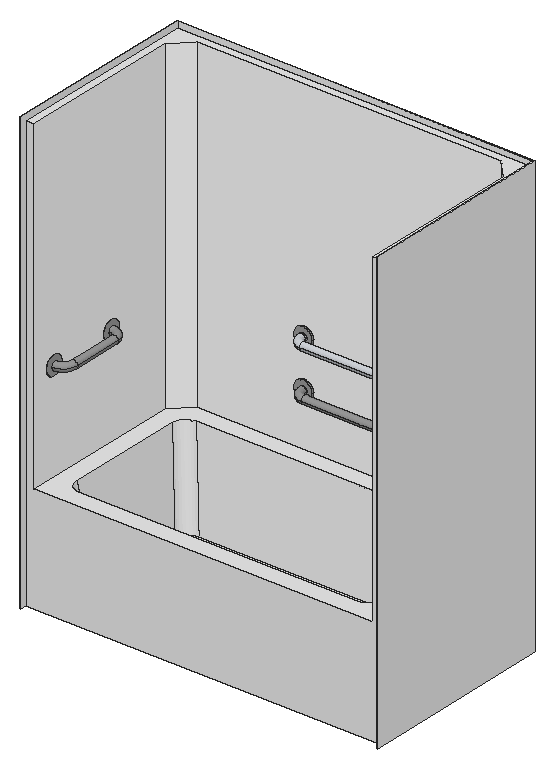
Revit family "DTS6032A17", category Plumbing Fixtures, Revit 2014
Parameters (values of type "DTS6032A17")
  Unit Width = 5' - 0"
  Unit Height = 6' - 2"
  URL = "http://www.best-bath.com"
  Type Comments = "ADA Compliant"
  Model = "DTS6032A17"
  Material [instance] = Best Bath Gelcoat Fiberglass - Diamond Tile
  Manufacturer = "Best Bath Systems, Inc."
  Keynote = "22 40 00.D3"
  Description = "Diamond Tile"
  Assembly Code = "D2010700"
Reference planes (in)
  plane 1 "Back": y = 0
  plane 2: z = 0
  plane 3 "Left": x = 0
  plane 4: x = 60
  plane 5: y = -32
  plane 6: z = 73
  plane 7: z = 74
  plane 8: x = 51.75
  plane 9: z = 18
  plane 10: y = -16.5
  plane 11: y = -1.5
  plane 12: x = 6.5
  plane 13: x = 54.5
  plane 14: y = -6.5
  plane 15: y = -27
  plane 16: y = -4.5
  plane 17: y = -29
  plane 18: x = 4.5
  plane 19: x = 55.5
  plane 20: z = 27
  plane 21: z = 35
  plane 22: z = 40
  plane 23: y = -33
Forms (in)
  Extrusion 1, solid, material "Best Bath Gelcoat Fiberglass - Smooth"
    sketch origin (0, 0, 0) x (1, 0, 0) y (0, 1, 0)
      loop
        line (58.5, -32) -> (60, -32) -> (60, 0) -> (0, 0) -> (0, -32) -> (1.5, -32) -> (1.5, -4.5) -> (4.5, -1.5) -> (55.5, -1.5) -> (58.5, -4.5) -> (58.5, -32)
    from 0 to 73
  Extrusion 2, solid, material "Best Bath Gelcoat Fiberglass - Smooth"
    sketch origin (0, 0, 0) x (1, 0, 0) y (0, 1, 0)
      loop
        line (0, -32) -> (60, -32) -> (60, 0) -> (0, 0) -> (0, -32)
      loop
        circle (51.75, -16.5) r 1.625
    from 0 to 18
  Blend 3, void
    base sketch origin (0, 0, 0) x (1, 0, 0) y (0, 1, 0)
      loop
        arc (8.75, -6.5) -> (7.15901, -7.15901) -> (6.5, -8.75) r 2.25
        line (6.5, -8.75) -> (6.5, -24.75)
        arc (6.5, -24.75) -> (7.15901, -26.34099) -> (8.75, -27) r 2.25
        line (8.75, -27) -> (52.25, -27)
        arc (52.25, -27) -> (53.84099, -26.34099) -> (54.5, -24.75) r 2.25
        line (54.5, -24.75) -> (54.5, -8.75)
        arc (54.5, -8.75) -> (53.84099, -7.15901) -> (52.25, -6.5) r 2.25
        line (52.25, -6.5) -> (8.75, -6.5)
    top sketch origin (0, 0, 0) x (1, 0, 0) y (0, 1, 0)
      loop
        arc (6.75, -4.5) -> (5.15901, -5.15901) -> (4.5, -6.75) r 2.25
        line (4.5, -6.75) -> (4.5, -26.75)
        arc (4.5, -26.75) -> (5.15901, -28.34099) -> (6.75, -29) r 2.25
        line (6.75, -29) -> (53.25, -29)
        arc (53.25, -29) -> (54.84099, -28.34099) -> (55.5, -26.75) r 2.25
        line (55.5, -26.75) -> (55.5, -6.75)
        arc (55.5, -6.75) -> (54.84099, -5.15901) -> (53.25, -4.5) r 2.25
        line (53.25, -4.5) -> (6.75, -4.5)
    from 2.23617 to 18
  Extrusion 4, solid, material "Best Bath Gelcoat Fiberglass - Smooth"
    sketch origin (0, 0, 0) x (1, 0, 0) y (0, 1, 0)
      loop
        line (0, -33) -> (0.125, -33) -> (0.125, -0.125) -> (59.875, -0.125) -> (59.875, -33) -> (60, -33) -> (60, 0) -> (0, 0) -> (0, -33)
    from 0 to 74
Cuts and joins
  Blend 3 cuts Extrusion 2
  joined: Extrusion 1, Extrusion 2, Extrusion 4
Dimensions and locks (in)
  "Unit Width": plane 3 "Left" to plane 4
  locked: plane 7 to plane 6 at 1
  "Unit Height": plane 7 to level
  plane 3 "Left" to plane 8 to plane 4 = 4' - 3 3/4", 0' - 8 1/4"
  plane 10 to plane 1 "Back" = 1' - 4 1/2"
  locked: plane 13 to plane 4 at 5.5
  plane 15 to plane 5 = 0' - 5"
  locked: plane 3 "Left" to plane 12 at 6.5
  locked: Extrusion 1 to plane 14 at 6.5
  locked: plane 16 to plane 1 "Back" at 4.5
  locked: plane 17 to plane 5 at 3
  locked: plane 19 to plane 4 at 4.5
  locked: plane 3 "Left" to plane 18 at 4.5
  locked: plane 9 to level at 18
  plane 20 to plane 9 = 0' - 9"
  plane 21 to plane 9 = 1' - 5"
  plane 22 to plane 9 = 1' - 10"
  locked: plane 5 to plane 23 at 1
  plane 23 to plane 1 "Back" = 2' - 9"
  radius of Blend 3 sketch curve = 0' - 2 1/4"  (x4)
  aligned and locked: level to plane 2
  aligned and locked: plane 6 to Extrusion 1
  aligned and locked: Extrusion 1 sketch curve to plane 4
  aligned and locked: plane 5 to Extrusion 1 sketch curve
  aligned and locked: Extrusion 1 sketch curve to plane 5
  aligned and locked: Extrusion 2 sketch curve to Extrusion 1  (x3)
  aligned and locked: Extrusion 2 sketch curve to plane 1 "Back"
  aligned and locked: plane 10 to Extrusion 2 sketch curve
  aligned and locked: plane 8 to Extrusion 2 sketch curve
  aligned and locked: plane 15 to Blend 3 sketch curve
  aligned and locked: Blend 3 sketch curve to plane 14
  aligned and locked: Blend 3 sketch curve to plane 13
  aligned and locked: plane 12 to Blend 3 sketch curve
  aligned and locked: plane 18 to Blend 3 sketch curve
  aligned and locked: Blend 3 sketch curve to plane 19
  aligned and locked: plane 17 to Blend 3 sketch curve
  aligned and locked: Blend 3 sketch curve to plane 16
  aligned and locked: plane 9 to cut or joined group of Extrusion 1, Extrusion 2, Blend 3, Extrusion 4
  aligned and locked: nested 1 to plane 21
  aligned and locked: plane 20 to nested 3
  aligned and locked: plane 22 to nested 4
  aligned and locked: plane 7 to Extrusion 4
Automatic sketch dimensions
  plane 1 "Back" to Extrusion 1 sketch curve = 0' - 0"
  Extrusion 1 sketch curve to plane 3 "Left" = 0' - 0"
  Extrusion 1 sketch curve to plane 11 = 0' - 0"
  plane 4 to Extrusion 1 sketch curve = 0' - 1 1/2"
  Extrusion 1 sketch curve to plane 11 = 0' - 3"  (x2)
  plane 3 "Left" to Extrusion 1 sketch curve = 0' - 1 1/2"
  Extrusion 1 sketch curve to Extrusion 1 sketch curve = 0' - 3"  (x2)
  plane 18 to Blend 3 sketch curve = 0' - 2 1/4"  (x2)
  plane 17 to Blend 3 sketch curve = 0' - 2 1/4"
  Blend 3 sketch curve to plane 19 = 0' - 2 1/4"
  Extrusion 4 sketch curve to plane 23 = 0' - 0"  (x2)
  Extrusion 4 sketch curve to plane 4 = 0' - 0"
  plane 4 to Extrusion 4 sketch curve = 0' - 0 1/8"
  Extrusion 4 sketch curve to Extrusion 4 sketch curve = 0' - 0 1/8"
  Extrusion 4 sketch curve to plane 3 "Left" = 0' - 0"
  plane 1 "Back" to Extrusion 4 sketch curve = 0' - 0 1/8"
  plane 1 "Back" to Extrusion 4 sketch curve = 0' - 0"
  radius of Extrusion 2 sketch curve = 0' - 1 5/8"
Nested families (in)
  nested 1: "Grab Bar - L shape" at (58.5, -1.5, -1.97512) x (-1, 0, 0) z (0, 0, 1), type "27" x 36" x 1.25""
  nested 2: "Grab Bar - horiz" at (1.5, -28, 0.375) x (0, 1, 0) z (0, 0, 1), type "12" x 1.25""
  nested 3: "Grab Bar - horiz" at (22.5, -1.5, -7.625), type "24" x 1.25""
  nested 4: "Grab Bar - vertical" at (58.5, -28, 0.375) x (0, -1, 0) z (0, 0, 1), type "18" x 1.25""
Definition of nested family "Grab Bar - L shape"
  Parameters (values of type "27" x 48" x 1.25"")
    Single Anchor Bar Length = 2' - 3"
    Mounting Height = 3' - 3"
    URL = "http://seachrome.com/"
    Threshold Height = 0' - 2.02488"
    Model = "GB2748QSS"
    Manufacturer = "Seachrome Corp."
    Keynote = "10 28 00.C1"
    Double Anchor Bar Length = 4' - 0"
    Description = "27\" x 48\" x 1.25\" L Grab Bar"
    Assembly Code = "C1030200"
  Types (5): name | Single Anchor Bar Length | Model | Double Anchor Bar Length | Description
    18" x 33" x 1.25" | 1' - 6" | "GB3236QSS" | 2' - 9" | "18\" x 33\" x 1.25\" L Grab Bar"
    32" x 36" x 1.25" | 2' - 8" | "GB3236QSS" | 3' - 0" | "18\" x 33\" x 1.25\" L Grab Bar"
    27" x 36" x 1.25" | 2' - 3" | "GB2736QSSW" | 3' - 0" | "18\" x 33\" x 1.25\" L Grab Bar"
    42" x 50" x 1.25" | 3' - 6" | "GB4250QSS" | 4' - 2" | "42\" x 50\" x 1.25\" L Grab Bar"
    27" x 48" x 1.25" | 2' - 3" | "GB2748QSS" | 4' - 0" | "27\" x 48\" x 1.25\" L Grab Bar"
  Reference planes (in)
    plane 1 "Center (Front/Back)": y = 0
    plane 2: z = 0
    plane 3 "Center (Left/Right)": x = 0
    plane 4: z = 36.97512
    plane 5: z = -2.02488
    plane 6: y = -2.125
    plane 7: x = 2.125
    plane 8: x = 6
    plane 9: x = 48
    plane 10: y = -27
  Forms (in)
    Extrusion 1, solid, material "Stainless Steel, Brushed"
      sketch origin (0, 0, 0) x (1, 0, 0) y (0, 0, 1)
        loop
          circle (6, 36.97512) r 1.5625
        loop
          circle (48, 36.97512) r 1.5625
      from 0 to 0.25
    Extrusion 2, solid
      sketch origin (0, 0, 0) x (0, 1, 0) y (0, 0, 1)
        loop
          circle (-27, 36.97512) r 1.5
      from 0 to 0.25
    Sweep 3, solid
      path origin (0, 0, 0) x (1, 0, 0) y (0, 1, 0)
        loop
          line (0.25, -27) -> (0.625, -27)
          arc (0.625, -27) -> (1.68566, -26.56066) -> (2.125, -25.5) r 1.5
          line (2.125, -25.5) -> (2.125, -3.625)
          arc (2.125, -3.625) -> (2.56434, -2.56434) -> (3.625, -2.125) r 1.5
          line (3.625, -2.125) -> (46.5, -2.125)
          arc (46.5, -2.125) -> (47.56066, -1.68566) -> (48, -0.625) r 1.5
          line (48, -0.625) -> (48, -0.25)
      profile origin (0.4375, -27, 0) x (0, 1, 0) y (0, 0, 1)
        loop
          circle (0, 36.98831) r 0.625
    Sweep 4, solid
      path origin (0, 0, 0) x (1, 0, 0) y (0, 1, 0)
        loop
          line (6, -0.25) -> (6, -2.125)
      profile origin (6, -1.1875, 0) x (1, 0, 0) y (0, 0, 1)
        loop
          circle (0, 36.98831) r 0.62
  Dimensions and locks (in)
    "Threshold Height": level to plane 5
    "Mounting Height": plane 4 to plane 5
    locked: plane 3 "Center (Left/Right)" to plane 7 at 2.125
    locked: plane 3 "Center (Left/Right)" to plane 8 at 6
    locked: plane 6 to plane 1 "Center (Front/Back)" at 2.125
    "Double Anchor Bar Length": plane 3 "Center (Left/Right)" to plane 9
    "Single Anchor Bar Length": plane 10 to plane 1 "Center (Front/Back)"
    plane 4 to plane 5 = 3' - 3"
    level to plane 5 = 0' - 2.02488"
    aligned and locked: level to plane 2
    aligned and locked: plane 8 to Extrusion 1 sketch curve
    aligned and locked: plane 4 to Extrusion 1 sketch curve
    aligned and locked: plane 9 to Extrusion 1 sketch curve
    aligned and locked: plane 10 to Extrusion 2 sketch curve
    aligned and locked: plane 4 to Extrusion 2 sketch curve
  Automatic sketch dimensions
    Extrusion 1 sketch curve to plane 4 = 0' - 0"
    Sweep 3 sketch curve to plane 10 = 0' - 0"
    Sweep 3 sketch curve to plane 7 = 0' - 0"
    Sweep 3 sketch curve to plane 6 = 0' - 0"
    Sweep 3 sketch curve to plane 9 = 0' - 0"
    plane 3 "Center (Left/Right)" to Sweep 3 sketch curve = 0' - 0 5/8"
    Sweep 3 sketch curve to plane 6 = 0' - 1 1/2"
    plane 1 "Center (Front/Back)" to Sweep 3 sketch curve = 0' - 0 5/8"
    plane 3 "Center (Left/Right)" to Sweep 3 sketch curve = 0' - 0 1/4"
    plane 1 "Center (Front/Back)" to Sweep 3 sketch curve = 0' - 0 1/4"
    Sweep 3 sketch curve to profile plane = 0' - 0"
    level to Sweep 3 sketch curve = 3' - 0.98831"
    Sweep 4 sketch curve to plane 6 = 0' - 0"
    Sweep 4 sketch curve to plane 8 = 0' - 0"
    plane 1 "Center (Front/Back)" to Sweep 4 sketch curve = 0' - 0 1/4"
    profile plane to Sweep 4 sketch curve = 0' - 0"
    level to Sweep 4 sketch curve = 3' - 0.98831"
    radius of Extrusion 1 sketch curve = 0' - 1 9/16"  (x2)
    radius of Extrusion 2 sketch curve = 0' - 1 1/2"
    radius of Sweep 3 sketch curve = 0' - 0 5/8"
    radius of Sweep 4 sketch curve = 0' - 0.62"
Definition of nested family "Grab Bar - horiz"
  Parameters (values of type "12" x 1.25"")
    Grab Bar Size = 1' - 0"
    URL = "http://seachrome.com/"
    Threshold Height = 0' - 0 5/8"
    Mounting Height = 2' - 10"
    Model = "GB12QSS"
    Manufacturer = "Seachrome Corp."
    Keynote = "10 28 00.C1"
    Description = "18\" x 1.25\" grab bar"
    Assembly Code = "C1030200"
  Types (6): name | Grab Bar Size | Model | Description
    12" x 1.25" | 1' - 0" | "GB12QSS" | "18\" x 1.25\" grab bar"
    27" x 1.25" | 2' - 3" | "GB27QSS" | "27\" x 1.25\" grab bar"
    24" x 1.25" | 2' - 0" | "GB24QSS" | "24\" x 1.25\" grab bar"
    48" x 1.25" | 4' - 0" | "GB48QSS" | "48\" x 1.25\" grab bar"
    25" x 1/25" | 2' - 1" | "GB25QSS" | "25\" x 1.25\" grab bar"
    42" x 1.25" | 3' - 6" | "GB42QSS" | "42\" x 1.25\" grab bar"
  Reference planes (in)
    plane 1 "Center (Front/Back)": y = 0
    plane 2: z = 0
    plane 3 "Center (Left/Right)": x = 0
    plane 4: z = 34.625
    plane 5: z = 0.625
    plane 6: x = 12
  Forms (in)
    Extrusion 1, solid, material "Stainless Steel, Brushed"
      sketch origin (0, 0, 0) x (1, 0, 0) y (0, 0, 1)
        loop
          circle (0, 34.625) r 1.5625
        loop
          circle (12, 34.625) r 1.5625
      from 0 to 0.25
    Sweep 2, solid, material "Stainless Steel, Brushed"
      path origin (0, 0, 0) x (1, 0, 0) y (0, 1, 0)
        loop
          line (0, -0.25) -> (0, -0.375)
          arc (0, -0.375) -> (0.51256, -1.61244) -> (1.75, -2.125) r 1.75
          line (1.75, -2.125) -> (10.25, -2.125)
          arc (10.25, -2.125) -> (11.48744, -1.61244) -> (12, -0.375) r 1.75
          line (12, -0.375) -> (12, -0.25)
      profile origin (6, -2.125, 0) x (0, 1, 0) y (0, 0, 1)
        loop
          circle (0, 34.625) r 0.625
  Dimensions and locks (in)
    "Threshold Height": plane 5 to level
    "Mounting Height": plane 4 to plane 5
    "Grab Bar Size": plane 6 to plane 3 "Center (Left/Right)"
    Sweep 2 sketch curve to plane 1 "Center (Front/Back)" = 0' - 2 1/8"
    aligned and locked: level to plane 2
  Automatic sketch dimensions
    Extrusion 1 sketch curve to plane 3 "Center (Left/Right)" = 0' - 0"
    Extrusion 1 sketch curve to plane 4 = 0' - 0"  (x2)
    Extrusion 1 sketch curve to plane 6 = 0' - 0"
    Sweep 2 sketch curve to plane 3 "Center (Left/Right)" = 0' - 0"
    plane 1 "Center (Front/Back)" to Sweep 2 sketch curve = 0' - 0 3/8"
    Sweep 2 sketch curve to plane 6 = 0' - 0"
    Sweep 2 sketch curve to plane 6 = 0' - 1 3/4"
    Sweep 2 sketch curve to Sweep 2 sketch curve = 0' - 0 1/8"  (x2)
    Sweep 2 sketch curve to profile plane = 0' - 0"
    level to Sweep 2 sketch curve = 2' - 10 5/8"
    radius of Extrusion 1 sketch curve = 0' - 1 9/16"  (x2)
    radius of Sweep 2 sketch curve = 0' - 0 5/8"
Definition of nested family "Grab Bar - vertical"
  Parameters (values of type "18" x 1.25"")
    Wall Clearance = 0' - 2 1/8"
    Mounting Height = 3' - 3"
    Grab Bar Size = 1' - 6"
    URL = "http://seachrome.com/"
    Threshold Height = 0' - 0 5/8"
    Model = "GB18QSS"
    Manufacturer = "Seachrome Corp."
    Keynote = "10 28 00.C1"
    Description = "18\" x 1.25\" grab bar"
    Assembly Code = "C1030200"
  Reference planes (in)
    plane 1 "Center (Front/Back)": y = 0
    plane 2: z = 0
    plane 3 "Center (Left/Right)": x = 0
    plane 4: z = 39.625
    plane 5: z = 57.625
    plane 6: z = 0.625
  Forms (in)
    Sweep 1, solid, material "Stainless Steel, Brushed"
      path origin (0, 0, 0) x (0, 1, 0) y (0, 0, 1)
        loop
          line (-0.25, 39.625) -> (-0.375, 39.625)
          arc (-0.375, 39.625) -> (-1.61244, 40.13756) -> (-2.125, 41.375) r 1.75
          line (-2.125, 41.375) -> (-2.125, 55.875)
          arc (-2.125, 55.875) -> (-1.61244, 57.11244) -> (-0.375, 57.625) r 1.75
          line (-0.375, 57.625) -> (-0.25, 57.625)
      profile origin (0, -0.3125, 39.625) x (0, 0, -1) y (1, 0, 0)
        loop
          circle (0, 0) r 0.625
    Extrusion 2, solid, material "Stainless Steel, Brushed"
      sketch origin (0, 0, 0) x (1, 0, 0) y (0, 0, 1)
        loop
          circle (0, 39.625) r 1.5625
        loop
          circle (0, 57.625) r 1.5625
      from 0 to 0.25
  Dimensions and locks (in)
    "Grab Bar Size": plane 5 to plane 4
    Extrusion 2 to Sweep 1 sketch curve = 0' - 1 7/8"
    "Threshold Height": plane 6 to level
    "Mounting Height": plane 4 to plane 6
    aligned and locked: level to plane 2
    aligned and locked: plane 5 to Sweep 1 sketch curve
    aligned and locked: Sweep 1 sketch curve to plane 4
  Automatic sketch dimensions
    Sweep 1 sketch curve to plane 3 "Center (Left/Right)" = 0' - 0"
    Sweep 1 sketch curve to profile plane = 0' - 0"
    Extrusion 2 sketch curve to plane 3 "Center (Left/Right)" = 0' - 0"  (x2)
    Extrusion 2 sketch curve to plane 4 = 0' - 0"
    Extrusion 2 sketch curve to plane 5 = 0' - 0"
    Sweep 1 sketch curve to plane 5 = 0' - 1 3/4"
    plane 1 "Center (Front/Back)" to Sweep 1 sketch curve = 0' - 0 1/4"
    Sweep 1 sketch curve to Sweep 1 sketch curve = 0' - 0 1/8"
    Sweep 1 sketch curve to plane 5 = 0' - 0"
    plane 4 to Sweep 1 sketch curve = 0' - 1 3/4"
    radius of Sweep 1 sketch curve = 0' - 0 5/8"
    radius of Extrusion 2 sketch curve = 0' - 1 9/16"  (x2)
